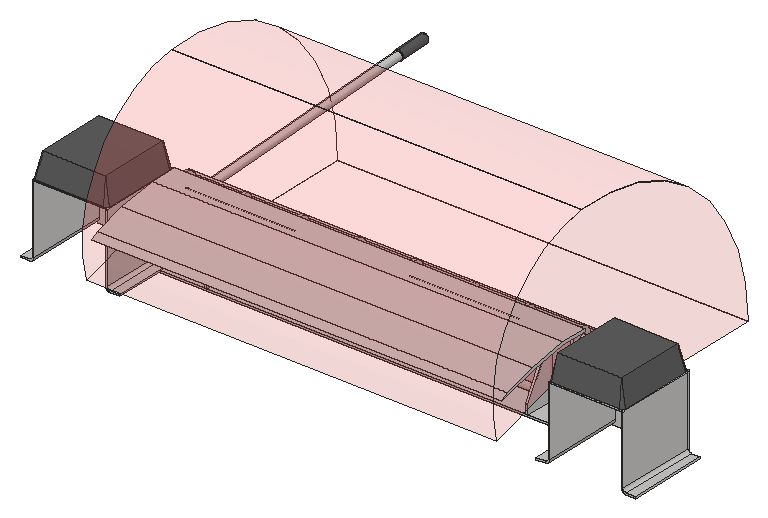
Revit family "Dock-Levelers_OHD_Edge-dock-leveler-REV-B-1", category Specialty Equipment, host Face, Revit 2024 (continued)
Definition of nested family "Bumper Box"
  Dimensions and locks (in)
    aligned and locked: Extrusion 4 sketch curve to plane 6
    aligned and locked: Extrusion 4 sketch curve to plane 5
    aligned and locked: plane 5 to Extrusion 4 sketch curve
    aligned and locked: Extrusion 4 sketch curve to plane 7
    aligned and locked: Extrusion 6 sketch curve to Extrusion 6 sketch curve  (x2)
    aligned and locked: Extrusion 7 sketch curve to plane 8
    aligned and locked: Masking region 2 sketch curve to plane 1 "Center (Front/Back)"
    aligned and locked: Masking region 2 sketch curve to plane 8
    aligned and locked: plane 7 to Masking region 2 sketch curve
    aligned and locked: Masking region 2 sketch curve to Extrusion 4  (x6)
    aligned and locked: Masking region 2 sketch curve to plane 5
    aligned and locked: Masking region 2 sketch curve to Extrusion 1  (x3)
    aligned and locked: Extrusion 5 to curve 3
    aligned and locked: curve 4 to Extrusion 5
    aligned and locked: Masking region 3 sketch curve to Extrusion 4  (x6)
    aligned and locked: Masking region 3 sketch curve to Extrusion 6  (x4)
    aligned and locked: Masking region 3 sketch curve to plane 8
    aligned and locked: Masking region 3 sketch curve to Extrusion 1  (x2)
    aligned and locked: Masking region 3 sketch curve to plane 1 "Center (Front/Back)"
    aligned and locked: plane 8 to curve 3
    aligned and locked: plane 8 to curve 4
  Automatic sketch dimensions
    Extrusion 1 sketch curve to Extrusion 1 sketch curve = 0' - 0"  (x7)
    Extrusion 1 sketch curve to plane 6 = 0' - 0"
    plane 5 to Extrusion 1 sketch curve = 0' - 0"
    Extrusion 1 sketch curve to plane 7 = 0' - 0"
    plane 1 "Center (Front/Back)" to Extrusion 1 sketch curve = 0' - 0.00037"
    Extrusion 1 sketch curve to plane 6 = 0' - 0.49696"
    Extrusion 1 sketch curve to Extrusion 1 sketch curve = 0' - 0.00303"
    Extrusion 1 sketch curve to plane 6 = 0' - 0 1/2"
    plane 1 "Center (Front/Back)" to Extrusion 1 sketch curve = 0' - 0.00036"
    Extrusion 1 sketch curve to Extrusion 1 sketch curve = 0' - 1.50289"
    Extrusion 1 sketch curve to Extrusion 1 sketch curve = 0' - 0 1/4"  (x2)
    plane 6 to Extrusion 1 sketch curve = 0' - 0 1/4"
    plane 1 "Center (Front/Back)" to Extrusion 1 sketch curve = 0' - 0.2505"
    plane 7 to Extrusion 1 sketch curve = 0' - 0 1/2"
    Extrusion 1 sketch curve to Extrusion 1 sketch curve = 0' - 1.50004"
    plane 1 "Center (Front/Back)" to Extrusion 1 sketch curve = 0' - 0.00051"
    Extrusion 1 sketch curve to Extrusion 1 sketch curve = 0' - 0.00008"
    Extrusion 2 sketch curve to plane 5 = 0' - 0"
    plane 1 "Center (Front/Back)" to Extrusion 2 sketch curve = 0' - 0.00051"
    Extrusion 2 sketch curve to level = 0' - 0.31487"
    Extrusion 2 sketch curve to level = 0' - 0.0626"
    Blend 3 sketch curve to plane 6 = 0' - 0"
    Blend 3 sketch curve to level = 0' - 0 5/16"
    plane 6 to Blend 3 sketch curve = 0' - 0 1/2"  (x2)
    Blend 3 sketch curve to plane 7 = 0' - 0.56661"
    Blend 3 sketch curve to plane 7 = 0' - 0 1/2"
    Blend 3 sketch curve to plane 7 = 0' - 0"
    Blend 3 sketch curve to Blend 3 sketch curve = 0' - 11.93308"
    plane 6 to Blend 3 sketch curve = 0' - 0.86107"
    Blend 3 sketch curve to plane 7 = 0' - 0.85637"
    Blend 3 sketch curve to level = 1' - 0.45109"
    Blend 3 sketch curve to level = 0' - 1.16884"
    Masking region 1 sketch curve to Masking region 1 sketch curve = 0' - 1.49985"
    Masking region 1 sketch curve to plane 6 = 0' - 0 1/2"
    plane 6 to Masking region 1 sketch curve = 0' - 0.86107"
    Masking region 1 sketch curve to plane 7 = 0' - 0.85637"
    plane 5 to Masking region 1 sketch curve = 0' - 0.00007"
    Masking region 1 sketch curve to plane 5 = 0' - 0.00027"
    Extrusion 7 sketch curve to plane 4 = 0' - 0 1/8"
    Masking region 2 sketch curve to Masking region 2 sketch curve = 0' - 1.50004"
    Masking region 2 sketch curve to Masking region 2 sketch curve = 0' - 0"  (x2)
    plane 5 to Masking region 3 sketch curve = 0' - 0"
    Masking region 3 sketch curve to Masking region 3 sketch curve = 0' - 1.49985"
    Masking region 3 sketch curve to Masking region 3 sketch curve = 0' - 0"  (x2)
    Masking region 3 sketch curve to Masking region 3 sketch curve = 0' - 0.12"  (x2)
    Masking region 3 sketch curve to Masking region 3 sketch curve = 0' - 1.50004"
    Masking region 3 sketch curve to plane 4 = 0' - 0 1/8"  (x2)
    Masking region 3 sketch curve to Masking region 3 sketch curve = 0' - 0 1/16"
    Masking region 3 sketch curve to Masking region 3 sketch curve = 0' - 0.06238"
    curve 1 to plane 6 = 0' - 0"
    curve 7 to plane 4 = 0' - 0 1/8"
    plane 6 to curve 7 = 0' - 0 1/4"
    plane 4 to curve 8 = 0' - 0 1/8"
    curve 5 to curve 8 = 0' - 0.25027"
    curve 6 to plane 7 = 0' - 0 1/4"
    curve 2 to plane 6 = 0' - 0 1/2"
    curve 10 to curve 9 = 0' - 0"
    plane 5 to curve 1 = 0' - 0.00007"
    plane 7 to curve 1 = 0' - 0.0003"
    plane 7 to curve 2 = 0' - 0 1/2"
    curve 4 to curve 6 = 0' - 0.06241"
    curve 3 to curve 5 = 0' - 0.06241"
    curve 3 to curve 8 = 0' - 0 1/8"
    curve 4 to curve 10 = 0' - 0 1/8"
    plane 1 "Center (Front/Back)" to curve 2 = 0' - 0.2505"
    plane 1 "Center (Front/Back)" to curve 2 = 0' - 0.25037"
Types (4): name | Width | Model
  (no name) | 5' - 6" | "Edge Dock E66R"
  E66R | 5' - 6" | "Edge Dock E66R"
  E72R | 6' - 0" | "Edge Dock E72R"
  E78R | 6' - 6" | "Edge Dock E78R"
